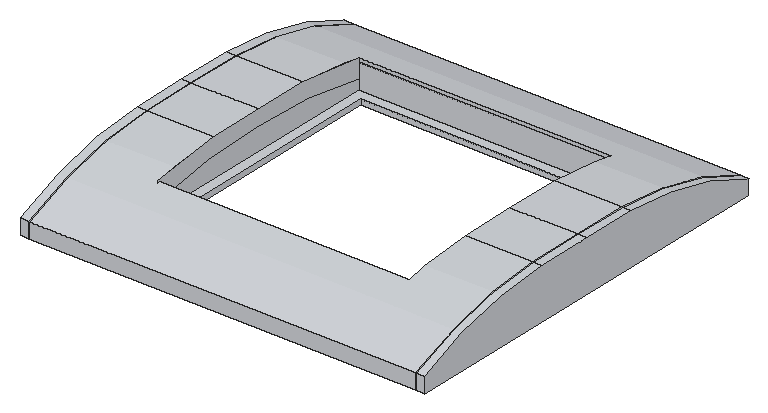
Revit family "Gira_1002736", category Electrical Fixtures, host Face, Revit 2017
Family settings
  Host = Face
  Maintain Annotation Orientation = No
  Round Connector Dimension = Use Diameter
  Part Type = Normal
  Cut with Voids When Loaded = No
  Shared = No
  Room Calculation Point = No
Parameters (values of type "Abdeckrahmen 2f o.M. Zwischenr. F Alu Gira Event Klar Schwarz")
  Werkstoffgüte = "Thermoplast"
  Werkstoff = "Kunststoff"
  URL = "http://katalog.gira.de/de_DE/datenblatt.html?artikelnr=1002736"
  Transparent = "No"
  Textfeld/Beschriftungsfläche = "No"
  Schutzart (IP) = "IP20"
  Region = "DE"
  Oberfläche = "sonstige"
  Name = "Abdeckrahmen 2f o.M. Zwischenr. F Alu Gira Event Klar Schwarz"
  Montagerichtung = "horizontal und vertikal"
  Mit Montagerahmen = "No"
  Mit Klappdeckel = "No"
  Manufacturer URL = "https://www.gira.de/"
  Keynote = "Event_Rahmen_2fach o.Mittelsteg"
  HeinzeBIM = "https://bimportal.heinze.de/bim/abdeckrahmen-2f-o-m-zwischenr-f-alu-gira-event-klar-schwarz/e2ea29f762b489d2ff2074297789ba6be0fc4288"
  Halogenfrei = "Yes"
  HAN = "1002736"
  Geeignet für Unterputz-Installation = "Yes"
  Geeignet für Unterflurkanaldose = "No"
  Geeignet für Geräteeinbaukanal = "No"
  Geeignet für Einbauinstallation = "No"
  GTIN = "4010337070221"
  Farbe = "schwarz"
  Default Elevation = 1219.2 mm
  Data sheet (1) = "https://katalog.gira.de/de_DE/download.html?artikelnr=1002736"
  Category = "Abdeckrahmen"
  Befestigungsart = "Klemmbefestigung"
  Available = "Yes"
  Ausführung der Oberfläche = "glänzend"
  Anzahl der Einheiten vertikal = "2 "
  Anzahl der Einheiten horizontal = "2 "
  Anzahl der Einheiten = "2 "
Reference planes
  plane 1 "Center (Front/Back)": y = 0
  plane 2: z = 0
  plane 3 "Center (Left/Right)": x = 0
Forms (mm)
  Extrusion 1, solid, detail levels fine
    sketch origin (0, 0, 1.55) x (0, 1, 0) y (0, 0, 1)
      loop
        arc (12.445, 9.683) -> (6.223, 9.833) -> (0, 9.85) r 291.636
        arc (0, 9.85) -> (-6.223, 9.833) -> (-12.445, 9.683) r 291.636
        arc (-12.445, 9.683) -> (-29.14, 7.482) -> (-45, 1.823) r 79.728
        line (-45, 1.823) -> (-45, -1.55) -> (-41.777, -1.55) -> (-41.777, -0.55)
        arc (-41.777, -0.55) -> (-21.205, 4.846) -> (0, 6.467) r 118.15
        arc (0, 6.467) -> (21.205, 4.846) -> (41.777, -0.55) r 118.15
        line (41.777, -0.55) -> (41.777, -1.55) -> (45, -1.55) -> (45, 1.823)
        arc (45, 1.823) -> (29.14, 7.482) -> (12.445, 9.683) r 79.728
    from -43 to 43
  Extrusion 2, void, detail levels fine
    sketch origin (0, 0, 0) x (1, 0, 0) y (0, 1, 0)
      loop
        line (-28, -28) -> (28, -28) -> (28, 28) -> (-28, 28) -> (-28, -28)
    from 2.85 to 12
  Extrusion 3, solid, detail levels coarse
    sketch origin (0, 0, 0) x (1, 0, 0) y (0, 1, 0)
      loop
        line (-45, 45) -> (-45, -45) -> (45, -45) -> (45, 45) -> (-45, 45)
    from 0 to 11.4
  Extrusion 4, solid, detail levels medium
    sketch origin (0, 0, 1.55) x (0, 1, 0) y (0, 0, 1)
      loop
        arc (12.445, 9.683) -> (6.223, 9.833) -> (0, 9.85) r 291.636
        arc (0, 9.85) -> (-6.223, 9.833) -> (-12.445, 9.683) r 291.636
        arc (-12.445, 9.683) -> (-29.14, 7.482) -> (-45, 1.823) r 79.728
        line (-45, 1.823) -> (-45, -1.55) -> (45, -1.55) -> (45, 1.823)
        arc (45, 1.823) -> (29.14, 7.482) -> (12.445, 9.683) r 79.728
    from -45 to 45
  Extrusion 5, solid, detail levels fine
    sketch origin (0, 0, 0) x (0, 1, 0) y (0, 0, 1)
      loop
        arc (45, 3.373) -> (29.14, 9.032) -> (12.445, 11.233) r 79.728
        arc (12.445, 11.233) -> (6.223, 11.383) -> (0, 11.4) r 291.636
        arc (0, 11.4) -> (-6.223, 11.383) -> (-12.445, 11.233) r 291.636
        arc (-12.445, 11.233) -> (-29.14, 9.032) -> (-45, 3.373) r 79.728
        line (-45, 3.373) -> (-45, 0) -> (45, 0) -> (45, 3.373)
    from 43 to 45
  Extrusion 6, solid, detail levels fine
    sketch origin (0, 0, 0) x (0, 1, 0) y (0, 0, -1)
      loop
        line (45, -3.373) -> (45, 0) -> (-45, 0) -> (-45, -3.373)
        arc (-45, -3.373) -> (-29.14, -9.032) -> (-12.445, -11.233) r 79.728
        arc (-12.445, -11.233) -> (-6.223, -11.383) -> (0, -11.4) r 291.636
        arc (0, -11.4) -> (6.223, -11.383) -> (12.445, -11.233) r 291.636
        arc (12.445, -11.233) -> (29.14, -9.032) -> (45, -3.373) r 79.728
    from 43 to 45
  Extrusion 7, solid, detail levels fine
    sketch origin (0, 0, 0) x (1, 0, 0) y (0, 1, 0)
      loop
        line (-25.7, 25.7) -> (-25.7, -25.7) -> (25.7, -25.7) -> (25.7, 25.7) -> (-25.7, 25.7)
      loop
        line (-29.495, 27.895) -> (-29.495, -27.895)
        spline (-29.495, -27.895) -> (-29.486, -28.025) -> (-29.461, -28.154) -> (-29.419, -28.278) -> (-29.361, -28.395) -> (-29.288, -28.504) -> (-29.202, -28.602) -> (-29.104, -28.688) -> (-28.995, -28.761) -> (-28.878, -28.819) -> (-28.754, -28.861) -> (-28.625, -28.886) -> (-28.495, -28.895)
        line (-28.495, -28.895) -> (28.495, -28.895)
        spline (28.495, -28.895) -> (28.625, -28.886) -> (28.754, -28.861) -> (28.878, -28.819) -> (28.995, -28.761) -> (29.104, -28.688) -> (29.202, -28.602) -> (29.288, -28.504) -> (29.361, -28.395) -> (29.419, -28.278) -> (29.461, -28.154) -> (29.486, -28.025) -> (29.495, -27.895)
        line (29.495, -27.895) -> (29.495, 27.895)
        spline (29.495, 27.895) -> (29.486, 28.025) -> (29.461, 28.154) -> (29.419, 28.278) -> (29.361, 28.395) -> (29.288, 28.504) -> (29.202, 28.602) -> (29.104, 28.688) -> (28.995, 28.761) -> (28.878, 28.819) -> (28.754, 28.861) -> (28.625, 28.886) -> (28.495, 28.895)
        line (28.495, 28.895) -> (-28.495, 28.895)
        spline (-28.495, 28.895) -> (-28.625, 28.886) -> (-28.754, 28.861) -> (-28.878, 28.819) -> (-28.995, 28.761) -> (-29.104, 28.688) -> (-29.202, 28.602) -> (-29.288, 28.504) -> (-29.361, 28.395) -> (-29.419, 28.278) -> (-29.461, 28.154) -> (-29.486, 28.025) -> (-29.495, 27.895)
    from 1.673 to 8.5
Cuts and joins
  Extrusion 2 cuts Extrusion 1
  Extrusion 2 cuts Extrusion 7
Dimensions and locks
  aligned and locked: plane 2 to host face
  aligned and locked: level to host face
